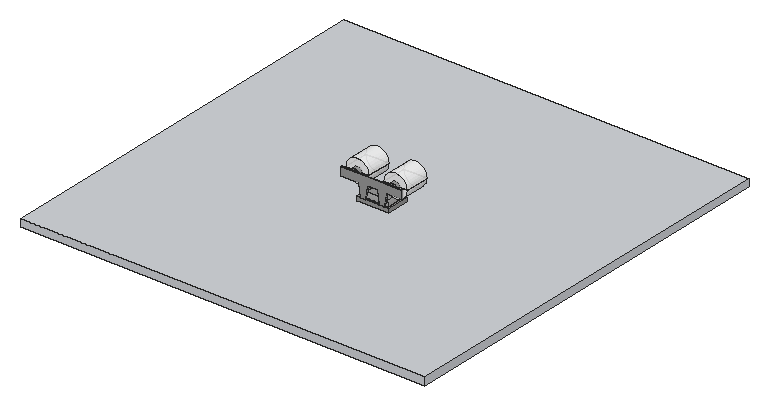
Revit family "P2078-09", category Lighting Fixtures, host Face, Revit 2014
Parameters (values of type "P2078-09")
  Watts = 100 W
  Wattage Comments = "100W"
  Warranty = "5 years Warranty"  # constant formula
  Voltage = 120 V
  URL = "https://www.hubbell.com/progresslighting/en"
  Product Link = "https://www.hubbell.com/progresslighting/en/Products/Lighting-Controls/Residential-Indoor-Lighting/Bath-Vanity/Invite-Collection-Two-Light-Bath-Vanity/p/155168"
  Product Documentation Link = "https://hubbellcdn.com/specsheet/PROG_P2078-09_spec.pdf"
  Power Factor = 1
  Model = "P2078-09"  # constant formula
  Manufacturer = "Progress Lighting"  # constant formula
  Load Classification = Lighting
  Width = 14 1/2"
  Lamp = "A-19"
  Housing Material = Paint - Hubbell - Light Silver
  Glass = Hubbell - Glass
  Fixture distribution = "Direct"  # constant formula
  Features = "Brushed Nickel finish.\r\nInner glass globe encircled by a translucent sheer mylar shade.\r\nFeatures a welcoming silhouette.\r\nRich, layering effect creates a dreamy look."  # constant formula
  Height = 7 3/8"
  Description = "Invite the beauty of light into your home with this Brushed Nickel two-light bath fixture. Invite provides a welcoming silhouette with a unique shade comprised of an inner glass globe encircled by a translucent sheer Mylar shade. The rich, layering effect creates a dreamy look that is both elegant and modern. Offered as a complete collection, the Invite styling can be carried throughout your home or as a focal style in a special room."  # constant formula
  Default Elevation = 48"
  Copyright = " ©2020 Progress Lighting, a division of Hubbell Lighting, Inc"  # constant formula
  Contact = "https://www.hubbell.com/progresslighting/en/contactUs"
  Connector Description = "Lighting Connector"  # constant formula
  Assembly Code = "D5020200"
  Apparent Load = Watts / Power Factor  # 100 VA
Reference planes (in)
  plane 1 "Center (Front/Back)": y = 0
  plane 2: z = 0.5561
  plane 3 "Center (Left/Right)": x = 0
  plane 4: x = -7.25
  plane 5: x = 7.25
  plane 6: y = 3.6875
  plane 7: y = -3.6875
  plane 8: z = 8.0561
  plane 9: z = 62.9311
Forms (in)
  Extrusion 1, solid
    sketch origin (0, 0, 0) x (1, 0, 0) y (0, 1, 0)
      loop
        line (-48, 48) -> (-48, -48) -> (48, -48) -> (48, 48) -> (-48, 48)
    from 0.5561 to -1.25
  Extrusion 2, solid, material "Paint - Hubbell - Light Silver" <- "Housing Material"
    sketch origin (0, 0, 0) x (1, 0, 0) y (0, 1, 0)
      loop
        line (-3.5, 1.5) -> (-3.5, -3.6875) -> (4.08523, -3.6875) -> (4.08523, 1.5) -> (-3.5, 1.5)
    from 0.5561 to 1.49174
  Extrusion 3, solid, material "Paint - Hubbell - Light Silver" <- "Housing Material"
    sketch origin (0, 0, 0) x (1, 0, 0) y (0, 1, 0)
      loop
        line (-3, 1) -> (-3, -3.1875) -> (3.58523, -3.1875) -> (3.58523, 1) -> (-3, 1)
    from 1.49174 to 2.28297
  Extrusion 4, solid, material "Paint - Hubbell - Light Silver" <- "Housing Material"
    sketch origin (0, 0, 0) x (1, 0, 0) y (0, 0, 1)
      loop
        line (3.0054, 1.49174) -> (3.54572, 4.5561) -> (7.25, 4.5561) -> (7.25, 6.4277) -> (0.25, 6.4277) -> (-7.25, 6.4277) -> (-7.25, 4.44279) -> (-3.02574, 4.44279) -> (-2.5054, 1.49174) -> (-1.5054, 1.49174) -> (-0.97298, 4.51123) -> (0.25, 4.51123) -> (1.47298, 4.51123) -> (2.0054, 1.49174) -> (3.0054, 1.49174)
    from 3.52129 to 3.75
  Revolve 5, solid, material "Paint - Hubbell - Light Silver" <- "Housing Material"
    sketch origin (-2.5125, 0, 5.75) x (1, 0, 0) y (0, 1, 0)
      loop
        line (-2, -3.52129) -> (-1.74146, -3.52129) -> (-1.74146, -3.41576)
        arc (-1.74146, -3.41576) -> (-1.72435, -3.37444) -> (-1.68303, -3.35733) r 0.05843
        line (-1.68303, -3.35733) -> (-1.04646, -3.35733)
        arc (-1.04646, -3.35733) -> (-1.00757, -3.34122) -> (-0.99146, -3.30233) r 0.055
        line (-0.99146, -3.30233) -> (-0.99146, -2.24751) -> (-2, -2.24751) -> (-2, -3.52129)
      axis (-2, -2.24751) -> (-2, -3.52129)
    angle from 0 to 360
  Revolve 6, solid, material "Hubbell - Glass" <- "Glass"
    sketch origin (-2.5125, 0, 5.75) x (1, 0, 0) y (0, 1, 0)
      loop
        line (-2, -2.24751) -> (0.75, -2.24751) -> (0.75, 3.6875) -> (-2, 3.6875) -> (-2, -2.24751)
      axis (-2, 3.6875) -> (-2, -2.24751)
    angle from 0 to 360
  Revolve 7, solid, material "Paint - Hubbell - Light Silver" <- "Housing Material"
    sketch origin (2.5125, 0, 5.75) x (-1, 0, 0) y (0, -1, 0)
      loop
        line (-2, 3.52129) -> (-2, 2.24751) -> (-0.99146, 2.24751) -> (-0.99146, 3.30233)
        arc (-0.99146, 3.30233) -> (-1.00757, 3.34122) -> (-1.04646, 3.35733) r 0.055
        line (-1.04646, 3.35733) -> (-1.68303, 3.35733)
        arc (-1.68303, 3.35733) -> (-1.72435, 3.37444) -> (-1.74146, 3.41576) r 0.05843
        line (-1.74146, 3.41576) -> (-1.74146, 3.52129) -> (-2, 3.52129)
      axis (-2, 2.24751) -> (-2, 3.52129)
    angle from 0 to 360
  Revolve 8, solid, material "Hubbell - Glass" <- "Glass"
    sketch origin (2.5125, 0, 5.75) x (-1, 0, 0) y (0, -1, 0)
      loop
        line (-2, 2.24751) -> (-2, -3.6875) -> (0.75, -3.6875) -> (0.75, 2.24751) -> (-2, 2.24751)
      axis (-2, -3.6875) -> (-2, 2.24751)
    angle from 0 to 360
  Sweep 9, void
    path origin (0, 0, 0) x (1, 0, 0) y (0, 1, 0)
      loop
        line (-3, 1) -> (-3, -3.1875) -> (3.58523, -3.1875) -> (3.58523, 1) -> (-3, 1)
    profile origin (0.29261, 1, 0) x (0, 1, 0) y (0, 0, 1)
      loop
        line (0.0219, 1.49174) -> (0.0219, 2.29859) -> (-0.78495, 2.29859)
        arc (-0.78495, 2.29859) -> (-0.29702, 1.97967) -> (0.0219, 1.49174) r 1.42161
Cuts and joins
  Sweep 9 cuts Extrusion 3
Dimensions and locks (in)
  "Width": plane 4 to plane 5
  "Height": plane 7 to plane 6
  equal spacing: plane 7, plane 1 "Center (Front/Back)", plane 6
  equal spacing: plane 4, plane 3 "Center (Left/Right)", plane 5
  plane 8 to Extrusion 1 = 7 1/2"
  plane 9 to plane 8 to plane 2 = 54 7/8", 7 1/2"
  plane 8 to plane 2 = 7 1/2"
  aligned and locked: plane 2 to Extrusion 1
Automatic sketch dimensions
  Extrusion 1 sketch curve to Extrusion 1 sketch curve = 96"  (x2)
  plane 7 to Extrusion 2 sketch curve = 0"
  Extrusion 2 sketch curve to plane 3 "Center (Left/Right)" = 3 1/2"
  Extrusion 2 sketch curve to plane 5 = 3.16477"
  Extrusion 2 sketch curve to plane 1 "Center (Front/Back)" = 1 1/2"
  Extrusion 3 sketch curve to plane 7 = 1/2"
  Extrusion 3 sketch curve to plane 3 "Center (Left/Right)" = 3"
  plane 3 "Center (Left/Right)" to Extrusion 3 sketch curve = 3.58523"
  Extrusion 3 sketch curve to plane 1 "Center (Front/Back)" = 1"
  Extrusion 4 sketch curve to plane 4 = 0"
  Extrusion 4 sketch curve to plane 5 = 0"
  Extrusion 4 sketch curve to plane 3 "Center (Left/Right)" = 3.02574"
  plane 2 to Extrusion 4 sketch curve = 0.93564"  (x2)
  Extrusion 4 sketch curve to plane 3 "Center (Left/Right)" = 2.5054"
  Extrusion 4 sketch curve to Extrusion 4 sketch curve = 1"  (x2)
  Extrusion 4 sketch curve to plane 3 "Center (Left/Right)" = 0.97298"
  plane 3 "Center (Left/Right)" to Extrusion 4 sketch curve = 1/4"  (x2)
  Extrusion 4 sketch curve to Extrusion 4 sketch curve = 1.22298"
  plane 3 "Center (Left/Right)" to Extrusion 4 sketch curve = 2.0054"
  Extrusion 4 sketch curve to Extrusion 4 sketch curve = 2.07275"
  Extrusion 4 sketch curve to plane 8 = 3.61331"
  Extrusion 4 sketch curve to Extrusion 4 sketch curve = 0.06845"
  Extrusion 4 sketch curve to plane 8 = 3 1/2"
  Extrusion 4 sketch curve to plane 8 = 1.62841"
  Revolve 5 sketch curve to plane 7 = 0.16621"
  plane 4 to Revolve 5 sketch curve = 2.7375"
  Revolve 5 sketch curve to Revolve 5 sketch curve = 0.25854"
  Revolve 5 sketch curve to Revolve 5 sketch curve = 0.05843"
  Revolve 5 sketch curve to plane 7 = 0.38517"
  Revolve 5 sketch curve to Revolve 5 sketch curve = 0.63657"
  Revolve 5 sketch curve to Revolve 5 sketch curve = 0.055"
  Revolve 5 sketch curve to Revolve 5 sketch curve = 1.05482"
  Revolve 5 sketch curve to Revolve 5 sketch curve = 0"  (x2)
  plane 7 to Revolve 5 sketch curve = 1.33379"
  plane 6 to Revolve 6 sketch curve = 0"
  plane 4 to Revolve 6 sketch curve = 2.7375"
  Revolve 6 sketch curve to plane 3 "Center (Left/Right)" = 1.7625"
  Revolve 6 sketch curve to plane 7 = 1.43999"
  plane 7 to Revolve 6 sketch curve = 0.56001"
  Revolve 6 sketch curve to Revolve 6 sketch curve = 0"  (x2)
  Revolve 7 sketch curve to plane 7 = 0.16621"
  Revolve 7 sketch curve to plane 5 = 2.7375"
  Revolve 7 sketch curve to Revolve 7 sketch curve = 0.25854"
  Revolve 7 sketch curve to Revolve 7 sketch curve = 0.05843"
  Revolve 7 sketch curve to plane 7 = 0.38517"
  Revolve 7 sketch curve to Revolve 7 sketch curve = 0.63657"
  Revolve 7 sketch curve to Revolve 7 sketch curve = 0.055"
  Revolve 7 sketch curve to Revolve 7 sketch curve = 1.05482"
  Revolve 7 sketch curve to Revolve 7 sketch curve = 0"  (x2)
  plane 7 to Revolve 7 sketch curve = 1.33379"
  plane 6 to Revolve 8 sketch curve = 0"
  Revolve 8 sketch curve to plane 5 = 2.7375"
  plane 3 "Center (Left/Right)" to Revolve 8 sketch curve = 1.7625"
  Revolve 8 sketch curve to plane 7 = 1.43999"
  plane 7 to Revolve 8 sketch curve = 0.56001"
  Revolve 8 sketch curve to Revolve 8 sketch curve = 0"  (x2)
  Sweep 9 sketch curve to plane 7 = 1/2"
  Sweep 9 sketch curve to plane 3 "Center (Left/Right)" = 3"
  plane 3 "Center (Left/Right)" to Sweep 9 sketch curve = 3.58523"
  Sweep 9 sketch curve to plane 1 "Center (Front/Back)" = 1"
  profile plane to Sweep 9 sketch curve = 1.30225"
  profile plane to Sweep 9 sketch curve = 0.78495"
  Sweep 9 sketch curve to profile plane = 0.0219"
  level to Sweep 9 sketch curve = 0.97444"
  Sweep 9 sketch curve to Sweep 9 sketch curve = 0.5173"
Nested families (in)
  nested 1: "Family1" at (4.67164, 1.5, 6), type "Family1"
  nested 2: "Family1" at (-4.32836, 1.5, 6), type "Family1"
Connectors (in)
  electrical at (0.29261, -1.09375, 0.5561), driven by "Voltage", driven by "Apparent Load", driven by "Power Factor", driven by "Connector Description"
    settings: on Extrusion 2, index 1, voltage 120 V, apparent load 100 VA, apparent load phase1 0 VA, apparent load phase2 0 VA, apparent load phase3 0 VA, power factor 1, load classification "Other", number of poles 1, system type 30, power factor state 1, is connector primary yes, connector utility no, sub classification motor no, connector description "Lighting Connector"
Definition of nested family "Family1"
  Parameters (values of type "Family1")
    Wattage = 100 W
    built-in parameter 1150110 = 1 (stored number, unit not read)
    built-in parameter 1114217 = 1 (stored number, unit not read)
    Tilt Angle = 60.00°
    built-in parameter 1150109 = 1 (stored number, unit not read)
    built-in parameter 1150134 = 3
    built-in parameter 1150113 = 1 (stored number, unit not read)
    Photometric Web File = "generic"
    built-in parameter 1150142 = (empty or 0)
    built-in parameter 1150105 = 636.62 (stored number, unit not read)
    Lumens = 8000 lm
    built-in parameter 1150115 = 1 (stored number, unit not read)
    built-in parameter 1150137 = (empty or 0)
    built-in parameter 1150139 = (empty or 0)
    built-in parameter 1150112 = 1 (stored number, unit not read)
    built-in parameter 1150114 = 1 (stored number, unit not read)
    built-in parameter 1150132 = (empty or 0)
    built-in parameter 1150102 = (empty or 0)
    built-in parameter 1150107 = 3200 (stored number, unit not read)
    built-in parameter 1150138 = (empty or 0)
    built-in parameter 1150106 = 6.3662 (stored number, unit not read)
    built-in parameter 1150104 = 7.4322 (stored number, unit not read)
    Dimming Lamp Color Temperature Shift = (empty or 0)
    Color Filter = 16777215
    built-in parameter 1114218 = 1 (stored number, unit not read)
    built-in parameter 1150133 = 10 (stored number, unit not read)
  Reference planes (in)
    plane 1 "Center (Front/Back)": y = 0
    plane 2: z = 0
    plane 3 "Center (Left/Right)": x = 0
  Dimensions and locks (in)
    aligned and locked: level to plane 2
